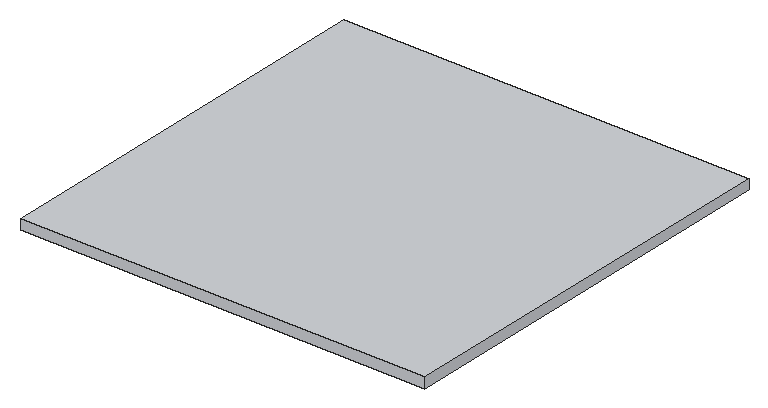
Revit family "8647400", category Aparatos sanitarios, Revit 2017
Family settings
  Anfitrión = Cara
  Cota de conector redondo = Diámetro de uso
  Tipo de pieza = Normal
  Número OmniClass = 23.45.55.14
  Título OmniClass = Single Faucets
  Corte con vacíos al cargar = No
  Compartido = No
  Punto de cálculo de habitación = No
Parameters (values of type "8647400")
  URL = "http://www.griferiasgalindo.com/bano-ducha/theo/grifo-bano-ducha-empotrable-theo?c=es"
  Teléfono = "(+34) 915 782 575"
  TIPO DE AGUA = "Fria/Caliente"
  REFERENCIA = "8647400"
  Presión Máxima = "8 bar"
  PESO BRUTO = "1.35 Kg"
  Modelo = "MECANISMO BAÑO-DUCHA EMPOTRABLE"
  Material = LATON CROMADO
  Imagen de tipo = <Ninguno>
  Fabricante = "PRESTO IBÉRICA"
  Default Elevation = 1219.2 mm
  ENTRADA = "Hembra 1/2\""
  Descripción = "Mecanismo baño-ducha empotrable"
  Código de montaje = "C1030220"
  Contacto = "info@prestoiberica.com"
  Conexión AF = yes
  Conexión AC = yes
  Comentarios de tipo = "Cartucho sellado mezclador con discos cerámicos de Ø 35 mm."
  CIERRE = "Manual"
  CAUDAL = ""
  Accionamiento = "Mediante maneta"
Reference planes
  plane 1 "Centro (Frontal/Posterior)": y = 0
  plane 2: z = 0
  plane 3 "Centro (Izquierda/Derecha)": x = 0
Forms (mm)
  Extrusion 1, solid
    sketch origin (0, 0, 0) x (1, 0, 0) y (0, 1, 0)
      loop
        line (-100, 100) -> (-100, -100) -> (100, -100) -> (100, 100) -> (-100, 100)
    from 0 to -5
Dimensions and locks
  Extrusion 1 sketch curve to plane 1 "Centro (Frontal/Posterior)" = 100 mm
  aligned and locked: plane 2 to Extrusion 1
  aligned and locked: level to Extrusion 1
Connectors
  piping at (0, -26, 0), diameter 12.7
    settings: on import instance, index 1, connector inside diameter 609.6 mm, connector length 0 mm, flow factor 0, pipe flow 0.0 L/s, pressure drop 0.0 Pa, fitting loss kfactor 0, connector angle 0.00°, fixture units 0, engagement length 0 mm, angle of deflection 0.00°, flow configuration 0, flow direction 1, fitting loss method 0, system type 7, joint type 0, gender type 0, connector reference index -1, connector utility 0, adjustable connector no, is connector primary yes, connector description ""
